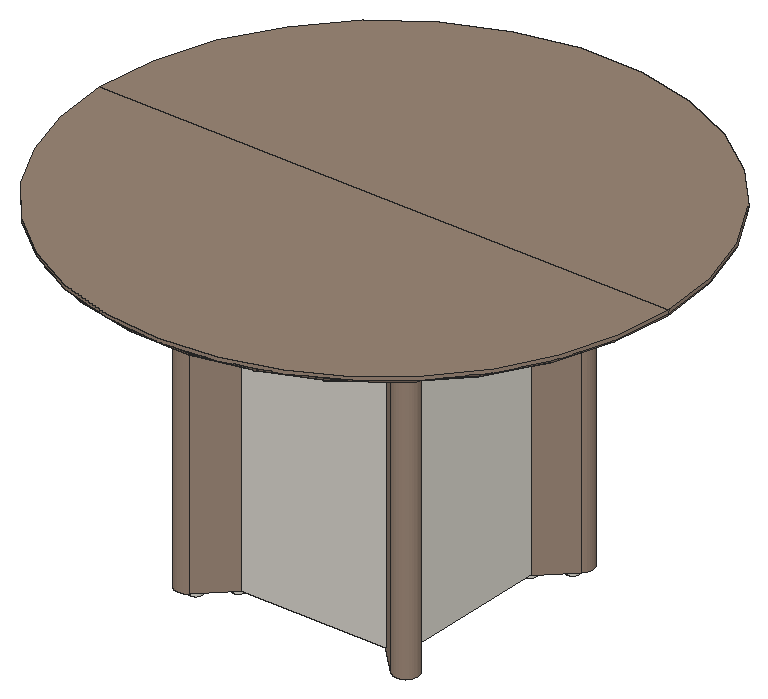
Revit family "Table-Teknion-CFRBKN_Figure_Table_Round_Gable_Enclosed_Base_Butter_Knife_Edge-R2023", category Furniture, Revit 2023 (continued)
Definition of nested family "7 Inch Compact Recessed Access Door"
  Lines and regions (in)
    Masking region 1
      outline origin (0, 0, 0) x (1, 0, 0) y (0, 1, 0)
        loop
          line (1346.9685, -148.03273) -> (1353.0315, -148.03273)
          arc (1353.0315, -148.03273) -> (1353.11414, -148.06696) -> (1353.14837, -148.14961) r 0.11687
          line (1353.14837, -148.14961) -> (1353.14837, -148.44827) -> (1353.22045, -148.44827) -> (1353.22045, -147.71654)
          arc (1353.22045, -147.71654) -> (1353.15242, -147.5523) -> (1352.98819, -147.48427) r 0.23226
          line (1352.98819, -147.48427) -> (1347.01181, -147.48427)
          arc (1347.01181, -147.48427) -> (1346.84758, -147.5523) -> (1346.77955, -147.71654) r 0.23226
          line (1346.77955, -147.71654) -> (1346.77955, -148.44827)
        loop
          line (1346.77955, -151.55173) -> (1346.77955, -152.28346)
          arc (1346.77955, -152.28346) -> (1346.84758, -152.4477) -> (1347.01181, -152.51573) r 0.23226
          line (1347.01181, -152.51573) -> (1352.98819, -152.51573)
          arc (1352.98819, -152.51573) -> (1353.15242, -152.4477) -> (1353.22045, -152.28346) r 0.23226
          line (1353.22045, -152.28346) -> (1353.22045, -151.55173) -> (1353.14837, -151.55173) -> (1353.14837, -151.85039)
          arc (1353.14837, -151.85039) -> (1353.11414, -151.93304) -> (1353.0315, -151.96727) r 0.11687
          line (1353.0315, -151.96727) -> (1346.9685, -151.96727)
          arc (1346.9685, -151.96727) -> (1346.88586, -151.93304) -> (1346.85163, -151.85039) r 0.11687
          line (1346.85163, -151.85039) -> (1346.85163, -151.55173) -> (1346.77955, -151.55173)
    symbolic lines
      curve 1: line (1346.73992, -152.28346, 0) -> (1346.73992, -147.71654, 0)
      curve 2: line (1347.01181, -147.44465, 0) -> (1352.98819, -147.44465, 0)
      curve 3: arc (1346.73992, -147.71654, 0) -> (1346.81956, -147.52428, 0) -> (1347.01181, -147.44465, 0) r 0.27189
      curve 4: line (1353.26008, -147.71654, 0) -> (1353.26008, -152.28346, 0)
      curve 5: arc (1352.98819, -147.44465, 0) -> (1353.18044, -147.52428, 0) -> (1353.26008, -147.71654, 0) r 0.27189
      curve 6: line (1352.98819, -152.55535, 0) -> (1347.01181, -152.55535, 0)
      curve 7: arc (1353.26008, -152.28346, 0) -> (1353.18044, -152.47572, 0) -> (1352.98819, -152.55535, 0) r 0.27189
      curve 8: arc (1347.01181, -152.55535, 0) -> (1346.81956, -152.47572, 0) -> (1346.73992, -152.28346, 0) r 0.27189
      curve 9: line (1346.85163, -148.14961, 0) -> (1346.85163, -151.85039, 0)
      curve 10: line (1353.14837, -151.85039, 0) -> (1353.14837, -148.14961, 0)
      curve 11: line (1346.77955, -147.71654, 0) -> (1346.77955, -152.28346, 0)
      curve 12: line (1353.22045, -147.71654, 0) -> (1353.22045, -152.28346, 0)
      curve 47: line (1346.85163, -148.14961, 0) -> (1346.85163, -151.85039, 0)
      curve 48: line (1353.0315, -148.03273, 0) -> (1346.9685, -148.03273, 0)
      curve 49: arc (1346.9685, -148.03273, 0) -> (1346.88586, -148.06696, 0) -> (1346.85163, -148.14961, 0) r 0.11687
      curve 50: line (1353.14837, -151.85039, 0) -> (1353.14837, -148.14961, 0)
      curve 51: arc (1353.14837, -148.14961, 0) -> (1353.11414, -148.06696, 0) -> (1353.0315, -148.03273, 0) r 0.11687
      curve 52: line (1346.9685, -151.96727, 0) -> (1353.0315, -151.96727, 0)
      curve 53: arc (1353.0315, -151.96727, 0) -> (1353.11414, -151.93304, 0) -> (1353.14837, -151.85039, 0) r 0.11687
      curve 54: arc (1346.85163, -151.85039, 0) -> (1346.88586, -151.93304, 0) -> (1346.9685, -151.96727, 0) r 0.11687
      curve 55: line (1346.77955, -152.28346, 0) -> (1346.77955, -151.55173, 0)
      curve 56: line (1352.98819, -152.51573, 0) -> (1347.01181, -152.51573, 0)
      curve 57: arc (1347.01181, -152.51573, 0) -> (1346.84758, -152.4477, 0) -> (1346.77955, -152.28346, 0) r 0.23226
      curve 58: line (1353.22045, -151.55173, 0) -> (1353.22045, -152.28346, 0)
      curve 59: arc (1353.22045, -152.28346, 0) -> (1353.15242, -152.4477, 0) -> (1352.98819, -152.51573, 0) r 0.23226
      curve 60: line (1346.77955, -148.44827, 0) -> (1346.77955, -147.71654, 0)
      curve 61: line (1347.01181, -147.48427, 0) -> (1352.98819, -147.48427, 0)
      curve 62: arc (1346.77955, -147.71654, 0) -> (1346.84758, -147.5523, 0) -> (1347.01181, -147.48427, 0) r 0.23226
      curve 63: line (1353.22045, -147.71654, 0) -> (1353.22045, -148.44827, 0)
      curve 64: arc (1352.98819, -147.48427, 0) -> (1353.15242, -147.5523, 0) -> (1353.22045, -147.71654, 0) r 0.23226
      curve 65: line (1353.04331, -147.19685, 0) -> (1346.95669, -147.19685, 0)
      curve 66: arc (1346.95669, -147.19685, 0) -> (1346.62819, -147.33292, 0) -> (1346.49213, -147.66142, 0) r 0.46457
      curve 67: line (1346.49213, -147.66142, 0) -> (1346.49213, -152.33858, 0)
      curve 68: arc (1346.49213, -152.33858, 0) -> (1346.62819, -152.66708, 0) -> (1346.95669, -152.80315, 0) r 0.46457
      curve 69: line (1346.95669, -152.80315, 0) -> (1353.04331, -152.80315, 0)
      curve 70: arc (1353.04331, -152.80315, 0) -> (1353.37181, -152.66708, 0) -> (1353.50787, -152.33858, 0) r 0.46457
      curve 71: line (1353.50787, -152.33858, 0) -> (1353.50787, -147.66142, 0)
      curve 72: arc (1353.50787, -147.66142, 0) -> (1353.37181, -147.33292, 0) -> (1353.04331, -147.19685, 0) r 0.46457
    symbolic lines, detail levels medium+fine
      curve 13: line (1347.54528, -150.97283, 0) -> (1348.02559, -150.97283, 0)
      curve 14: line (1348.02559, -150.97283, 0) -> (1348.02559, -151.5626, 0)
      curve 15: line (1348.02559, -151.5626, 0) -> (1347.54528, -151.5626, 0)
      curve 16: line (1347.54528, -151.5626, 0) -> (1347.54528, -150.97283, 0)
      curve 17: line (1351.97441, -148.4374, 0) -> (1352.45472, -148.4374, 0)
      curve 18: line (1351.97441, -149.02717, 0) -> (1351.97441, -148.4374, 0)
      curve 19: line (1352.45472, -149.02717, 0) -> (1351.97441, -149.02717, 0)
      curve 20: line (1352.45472, -148.4374, 0) -> (1352.45472, -149.02717, 0)
      curve 21: line (1347.05512, -148.44685, 0) -> (1347.47244, -148.44685, 0)
      curve 22: line (1347.05512, -151.55315, 0) -> (1347.05512, -148.44685, 0)
      curve 23: line (1347.47244, -151.55315, 0) -> (1347.05512, -151.55315, 0)
      curve 24: line (1347.47244, -148.44685, 0) -> (1347.47244, -151.55315, 0)
      curve 25: line (1347.02362, -151.55173, 0) -> (1346.73992, -151.55173, 0)
      curve 26: line (1347.02362, -151.55173, 0) -> (1347.02362, -148.44827, 0)
      curve 27: line (1347.02362, -148.44827, 0) -> (1346.73992, -148.44827, 0)
      curve 28: line (1346.77955, -148.55314, 0) -> (1347.41732, -148.55314, 0)
      curve 29: line (1347.41732, -148.55314, 0) -> (1347.41732, -151.44686, 0)
      curve 30: line (1347.41732, -151.44686, 0) -> (1346.77955, -151.44686, 0)
      curve 31: line (1347.02362, -149.80673, 0) -> (1346.93307, -149.80673, 0)
      curve 32: line (1346.93307, -149.80673, 0) -> (1346.93307, -150.19327, 0)
      curve 33: line (1346.93307, -150.19327, 0) -> (1347.02362, -150.19327, 0)
      curve 34: line (1352.94488, -148.44685, 0) -> (1352.52756, -148.44685, 0)
      curve 35: line (1352.94488, -151.55315, 0) -> (1352.94488, -148.44685, 0)
      curve 36: line (1352.52756, -151.55315, 0) -> (1352.94488, -151.55315, 0)
      curve 37: line (1352.52756, -148.44685, 0) -> (1352.52756, -151.55315, 0)
      curve 38: line (1352.97638, -151.55173, 0) -> (1353.26008, -151.55173, 0)
      curve 39: line (1352.97638, -151.55173, 0) -> (1352.97638, -148.44827, 0)
      curve 40: line (1352.97638, -148.44827, 0) -> (1353.26008, -148.44827, 0)
      curve 41: line (1353.22045, -148.55314, 0) -> (1352.58268, -148.55314, 0)
      curve 42: line (1352.58268, -148.55314, 0) -> (1352.58268, -151.44686, 0)
      curve 43: line (1352.58268, -151.44686, 0) -> (1353.22045, -151.44686, 0)
      curve 44: line (1352.97638, -149.80673, 0) -> (1353.06693, -149.80673, 0)
      curve 45: line (1353.06693, -149.80673, 0) -> (1353.06693, -150.19327, 0)
      curve 46: line (1353.06693, -150.19327, 0) -> (1352.97638, -150.19327, 0)
  Dimensions and locks (in)
    plane 4 "Left" to plane 5 "Right" = 7.01575"
    plane 6 "Back" to plane 7 "Front" = 5.6063"
    locked: plane 8 "Top" to level at 29.06
    equal spacing: plane 7 "Front", plane 1 "Center Front/Back", plane 6 "Back"
    equal spacing: plane 4 "Left", plane 3 "Center Left/Right", plane 5 "Right"
    plane 9 to plane 8 "Top" to plane 10 = 0.07087" locked, 1.50394" locked
    aligned and locked: level to plane 2
    aligned and locked: Sweep 6 sketch curve to plane 3 "Center Left/Right"
    aligned and locked: plane 3 "Center Left/Right" to SweptBlend 8 sketch curve
    aligned and locked: Sweep 10 sketch curve to plane 1 "Center Front/Back"
  Automatic sketch dimensions
    Sweep 1 sketch curve to plane 3 "Center Left/Right" = 0.000"
    Sweep 1 sketch curve to plane 8 "Top" = 0.12598"
    plane 8 "Top" to Sweep 1 sketch curve = 0.0315"
    Sweep 1 sketch curve to plane 1 "Center Front/Back" = 1.96727"
    Sweep 1 sketch curve to Sweep 1 sketch curve = 0.11687"  (x3)
    plane 1 "Center Front/Back" to Sweep 1 sketch curve = 1.85039"  (x2)
    profile plane to Sweep 1 sketch curve = 3.14837"
    Sweep 1 sketch curve to profile plane = 3.0315"
    plane 4 "Left" to Sweep 2 sketch curve = 1.05315"
    plane 1 "Center Front/Back" to Sweep 2 sketch curve = 0.97077"
    Sweep 2 sketch curve to Sweep 2 sketch curve = 0.48031"
    Sweep 2 sketch curve to profile plane = 0.000"
    profile plane to Sweep 2 sketch curve = 0.01169"
    Sweep 2 sketch curve to Sweep 2 sketch curve = 0.28526"
    Sweep 2 sketch curve to Sweep 2 sketch curve = 0.01169"
    level to Sweep 2 sketch curve = 28.65831"
    Sweep 2 sketch curve to Sweep 2 sketch curve = 0.33476"
    plane 5 "Right" to Sweep 3 sketch curve = 1.53346"
    Sweep 3 sketch curve to plane 6 "Back" = 1.23848"
    Sweep 3 sketch curve to Sweep 3 sketch curve = 0.48031"
    Sweep 3 sketch curve to profile plane = 0.000"
    profile plane to Sweep 3 sketch curve = 0.01169"
    Sweep 3 sketch curve to Sweep 3 sketch curve = 0.28526"
    Sweep 3 sketch curve to Sweep 3 sketch curve = 0.01169"
    level to Sweep 3 sketch curve = 28.65831"
    Sweep 3 sketch curve to Sweep 3 sketch curve = 0.33476"
    plane 1 "Center Front/Back" to Sweep 4 sketch curve = 0.000"
    plane 4 "Left" to Sweep 4 sketch curve = 0.56299"
    Sweep 4 sketch curve to Sweep 4 sketch curve = 0.41732"
    Sweep 4 sketch curve to Sweep 4 sketch curve = 0.000"  (x4)
    profile plane to Sweep 4 sketch curve = 1.26772"
    Sweep 4 sketch curve to profile plane = 1.26772"
    level to Sweep 4 sketch curve = 28.38283"
    Sweep 4 sketch curve to Sweep 4 sketch curve = 0.28543"
    plane 1 "Center Front/Back" to Sweep 5 sketch curve = 0.000"
    plane 5 "Right" to Sweep 5 sketch curve = 0.56299"
    Sweep 5 sketch curve to Sweep 5 sketch curve = 0.41732"
    Sweep 5 sketch curve to Sweep 5 sketch curve = 0.000"  (x4)
    profile plane to Sweep 5 sketch curve = 1.26772"
    Sweep 5 sketch curve to profile plane = 1.26772"
    level to Sweep 5 sketch curve = 28.38283"
    Sweep 5 sketch curve to Sweep 5 sketch curve = 0.28543"
    Sweep 6 sketch curve to plane 10 = 0.000"
    Sweep 6 sketch curve to Sweep 6 sketch curve = 0.74566"
    Sweep 6 sketch curve to Sweep 6 sketch curve = 0.000"  (x8)
    Sweep 6 sketch curve to plane 1 "Center Front/Back" = 2.60628"
    Sweep 6 sketch curve to Sweep 6 sketch curve = 0.09055"  (x2)
    Sweep 6 sketch curve to Sweep 6 sketch curve = 0.23226"  (x3)
    Sweep 6 sketch curve to Sweep 6 sketch curve = 0.8366"  (x4)
    Sweep 6 sketch curve to Sweep 6 sketch curve = 0.09061"  (x4)
    plane 1 "Center Front/Back" to Sweep 6 sketch curve = 1.35626"  (x2)
    profile plane to Sweep 6 sketch curve = 3.311"
    Sweep 6 sketch curve to Sweep 6 sketch curve = 0.63777"
    Sweep 6 sketch curve to profile plane = 2.58268"
    Sweep 6 sketch curve to Sweep 6 sketch curve = 0.40551"
    SweptBlend 7 sketch curve to plane 3 "Center Left/Right" = 0.000"
    SweptBlend 7 sketch curve to plane 8 "Top" = 0.000"
    plane 10 to SweptBlend 7 sketch curve = 0.74566"
    profile plane to SweptBlend 7 sketch curve = 3.311"
    SweptBlend 7 sketch curve to SweptBlend 7 sketch curve = 0.32281"  (x3)
    SweptBlend 7 sketch curve to profile plane = 2.98819"  (x4)
    SweptBlend 7 sketch curve to plane 1 "Center Front/Back" = 2.60628"
    plane 1 "Center Front/Back" to SweptBlend 7 sketch curve = 2.28346"  (x2)
    profile plane to SweptBlend 7 sketch curve = 3.35074"
    SweptBlend 7 sketch curve to SweptBlend 7 sketch curve = 0.36255"  (x3)
    SweptBlend 7 sketch curve to plane 1 "Center Front/Back" = 2.64602"
    SweptBlend 8 sketch curve to plane 9 = 0.000"
    plane 10 to SweptBlend 8 sketch curve = 0.74566"
    profile plane to SweptBlend 8 sketch curve = 3.22045"
    SweptBlend 8 sketch curve to SweptBlend 8 sketch curve = 0.23226"  (x3)
    SweptBlend 8 sketch curve to profile plane = 2.98819"  (x4)
    SweptBlend 8 sketch curve to plane 1 "Center Front/Back" = 2.51573"
    plane 1 "Center Front/Back" to SweptBlend 8 sketch curve = 2.28346"  (x2)
    profile plane to SweptBlend 8 sketch curve = 3.26378"
    SweptBlend 8 sketch curve to SweptBlend 8 sketch curve = 0.27559"  (x3)
    SweptBlend 8 sketch curve to plane 1 "Center Front/Back" = 2.28346"
    Sweep 9 sketch curve to plane 3 "Center Left/Right" = 0.000"
    Sweep 9 sketch curve to plane 8 "Top" = 0.000"
    Sweep 9 sketch curve to plane 9 = 0.000"
    Sweep 9 sketch curve to plane 1 "Center Front/Back" = 2.80315"
    Sweep 9 sketch curve to Sweep 9 sketch curve = 0.2478"  (x2)
    Sweep 9 sketch curve to Sweep 9 sketch curve = 0.21677"  (x4)
    Sweep 9 sketch curve to Sweep 9 sketch curve = 0.05512"  (x5)
    plane 1 "Center Front/Back" to Sweep 9 sketch curve = 2.28346"  (x2)
    profile plane to Sweep 9 sketch curve = 3.50787"
    Sweep 9 sketch curve to profile plane = 2.98819"
    plane 4 "Left" to Sweep 10 sketch curve = 0.22679"
    Sweep 10 sketch curve to Sweep 10 sketch curve = 0.30471"
    profile plane to Sweep 10 sketch curve = 1.55173"
    Sweep 10 sketch curve to Sweep 10 sketch curve = 0.01431"
    Sweep 10 sketch curve to Sweep 10 sketch curve = 0.07874"  (x2)
    Sweep 10 sketch curve to Sweep 10 sketch curve = 0.00137"  (x2)
    Sweep 10 sketch curve to Sweep 10 sketch curve = 0.23608"  (x2)
    Sweep 10 sketch curve to profile plane = 1.30134"
    Sweep 10 sketch curve to Sweep 10 sketch curve = 0.17027"
    level to Sweep 10 sketch curve = 28.30409"
    Sweep 10 sketch curve to Sweep 10 sketch curve = 0.000"
    Sweep 10 sketch curve to Sweep 10 sketch curve = 0.03937"
    Sweep 10 sketch curve to Sweep 10 sketch curve = 0.3622"  (x2)
    Sweep 10 sketch curve to Sweep 10 sketch curve = 0.00824"
    plane 1 "Center Front/Back" to Sweep 11 sketch curve = 0.000"
    plane 5 "Right" to Sweep 11 sketch curve = 0.22679"
    Sweep 11 sketch curve to Sweep 11 sketch curve = 0.30471"
    profile plane to Sweep 11 sketch curve = 1.55173"
    Sweep 11 sketch curve to Sweep 11 sketch curve = 0.01431"
    Sweep 11 sketch curve to Sweep 11 sketch curve = 0.07874"  (x2)
    Sweep 11 sketch curve to Sweep 11 sketch curve = 0.00137"  (x2)
    Sweep 11 sketch curve to Sweep 11 sketch curve = 0.23608"  (x2)
    Sweep 11 sketch curve to profile plane = 1.30134"
    Sweep 11 sketch curve to Sweep 11 sketch curve = 0.17027"
    level to Sweep 11 sketch curve = 28.30409"
    Sweep 11 sketch curve to Sweep 11 sketch curve = 0.000"
    Sweep 11 sketch curve to Sweep 11 sketch curve = 0.03937"
    Sweep 11 sketch curve to Sweep 11 sketch curve = 0.3622"  (x2)
    Sweep 11 sketch curve to Sweep 11 sketch curve = 0.00824"
    plane 1 "Center Front/Back" to Sweep 12 sketch curve = 0.000"
    plane 4 "Left" to Sweep 12 sketch curve = 0.44094"
    plane 5 "Right" to Sweep 12 sketch curve = 0.44094"
    profile plane to Sweep 12 sketch curve = 0.19327"
    Sweep 12 sketch curve to profile plane = 0.17902"
    Sweep 12 sketch curve to profile plane = 0.19327"
    Sweep 12 sketch curve to Sweep 12 sketch curve = 0.40783"  (x2)
    level to Sweep 12 sketch curve = 28.53406"
    profile plane to Sweep 12 sketch curve = 0.17902"
    Sweep 12 sketch curve to Sweep 12 sketch curve = 0.00625"
    Masking region 1 sketch curve to plane 4 "Left" = 0.000"
    Masking region 1 sketch curve to plane 6 "Back" = 0.000"
    plane 7 "Front" to Masking region 1 sketch curve = 0.000"
    Masking region 1 sketch curve to plane 5 "Right" = 0.000"
    plane 4 "Left" to Masking region 1 sketch curve = 0.28742"  (x2)
    Masking region 1 sketch curve to Masking region 1 sketch curve = 0.07208"  (x3)
    Masking region 1 sketch curve to Masking region 1 sketch curve = 0.17714"  (x2)
    plane 4 "Left" to Masking region 1 sketch curve = 0.46457"
    Masking region 1 sketch curve to Masking region 1 sketch curve = 0.11687"  (x4)
    Masking region 1 sketch curve to Masking region 1 sketch curve = 0.05512"  (x5)
    Masking region 1 sketch curve to plane 7 "Front" = 0.28742"
    plane 5 "Right" to Masking region 1 sketch curve = 0.51969"  (x2)
    Masking region 1 sketch curve to Masking region 1 sketch curve = 0.04331"  (x2)
    Masking region 1 sketch curve to Masking region 1 sketch curve = 0.3162"
    Masking region 1 sketch curve to Masking region 1 sketch curve = 0.29867"  (x3)
    Masking region 1 sketch curve to Masking region 1 sketch curve = 0.78686"  (x2)
    plane 4 "Left" to curve 1 = 0.2478"
    curve 31 to plane 1 "Center Front/Back" = 0.19327"
    plane 4 "Left" to curve 31 = 0.44094"
    curve 3 to curve 3 = 0.27189"
    curve 6 to plane 7 "Front" = 0.2478"
    curve 8 to curve 6 = 0.27189"
    curve 25 to curve 26 = 0.2837"
    curve 25 to curve 23 = 0.0315"
    curve 21 to curve 29 = 0.3622"
    curve 29 to curve 23 = 0.05512"
    curve 29 to curve 16 = 0.12795"
    curve 15 to curve 15 = 0.48031"
    plane 5 "Right" to curve 17 = 1.53346"
    curve 18 to curve 20 = 0.48031"
    plane 5 "Right" to curve 37 = 0.98031"
    curve 34 to curve 41 = 0.05512"
    curve 41 to curve 35 = 0.3622"
    curve 34 to curve 40 = 0.0315"
    curve 2 to plane 6 "Back" = 0.2478"
    plane 5 "Right" to curve 2 = 0.51969"
    plane 5 "Right" to curve 7 = 0.51969"
    curve 46 to curve 45 = 0.09055"
    plane 5 "Right" to curve 4 = 0.2478"
    curve 7 to curve 36 = 0.73031"
    curve 15 to curve 24 = 0.00945"
    curve 22 to curve 26 = 0.00142"
    curve 35 to curve 38 = 0.00142"
    curve 36 to curve 43 = 0.10628"
    curve 23 to curve 30 = 0.10628"
    curve 14 to curve 13 = 0.58977"
    plane 1 "Center Front/Back" to curve 32 = 0.19327"
    plane 1 "Center Front/Back" to curve 46 = 0.19327"
    curve 44 to plane 1 "Center Front/Back" = 0.19327"
    curve 44 to curve 19 = 0.77956"
    curve 19 to curve 42 = 0.47404"
    curve 28 to curve 26 = 0.10486"
    curve 41 to curve 39 = 0.10486"
    curve 39 to curve 34 = 0.00142"
    curve 26 to curve 21 = 0.00142"
    curve 34 to curve 17 = 0.00945"
    curve 25 to curve 9 = 0.11171"
    curve 10 to curve 40 = 0.11171"
    curve 12 to curve 7 = 0.03963"
    curve 8 to curve 11 = 0.000"
    curve 10 to curve 38 = 0.29867"
    curve 9 to curve 25 = 0.29867"
    curve 40 to curve 10 = 0.29867"
    curve 27 to curve 9 = 0.29867"
    curve 3 to curve 11 = 0.000"
    curve 12 to curve 5 = 0.000"
    curve 49 to curve 49 = 0.11687"
    curve 48 to curve 10 = 0.11687"
    curve 53 to curve 53 = 0.11687"
    curve 9 to curve 52 = 0.11687"
    curve 8 to curve 57 = 0.000"
    curve 56 to curve 6 = 0.000"
    curve 3 to curve 62 = 0.000"
    curve 61 to curve 2 = 0.000"
    curve 67 to plane 4 "Left" = 0.000"
    curve 65 to plane 6 "Back" = 0.000"
    plane 7 "Front" to curve 68 = 0.000"
    curve 70 to plane 5 "Right" = 0.000"
    curve 65 to curve 2 = 0.05512"
    curve 68 to curve 8 = 0.05512"
    curve 5 to curve 72 = 0.05512"
    curve 7 to curve 70 = 0.05512"
Definition of nested family "12 Inch Standard Recessed Access Door"
  Parameters (values of type "12 Inch Compact Recessed Access Door")
    Warranty = "http://www.teknion.com/ca/papers/legal-canada"
    Unit Weight URL = "http://www.teknion.com/ca/tools/assets#&asset=bee6a381-b954-425e-8283-5a2de3a804f2,f828d448-4b62-4231-9e5f-9a8991c0ed77"
    URL = "www.teknion.com"
    To render please download texture images found here [instance] = "https://assets.teknion.com/web/5e81352c1dfdb467/revit-material-swatches/"
    Sustainability Data = "https://www.teknion.com/ca/tools/assets#&topic=216f99a5-57a0-44fc-b10a-9dee9b29ae4c&asset=444deb64-fe58-4b68-981e-f75e97781df7,b4ff2d81-9f2e-437d-9659-7cffb09c31cf"
    Series = ""
    Product Page URL = ""
    Product Line = ""
    Product Documentation Link = ""
    Part Number = ""
    Model = "1"
    Manufacturer Phone = "416-661-3370"  # constant formula
    Manufacturer Fax = "416.661.4586"  # constant formula
    Manufacturer Contact Information = "http://www.teknion.com/ca/contactus"
    Manufacturer Address = "1150 Flint Road, Toronto, ON. M3J 2J5. Canada"  # constant formula
    Manufacturer = "Teknion"  # constant formula
    How To Use Teknion Materials User Guide [instance] = "https://assets.teknion.com/m/205dd0a49fa58060/original/How-to-add-a-Material-Library-and-Texture-Images-to-your-Revit-project.pdf"
    For Additional Finishes please visit [instance] = "https://assets.teknion.com/m/44a8009b046e5d47/original/Teknion_Materials_Library.zip"
    Finish [instance] = none
    Description = "12 Inch Compact Recessed Access Door"
    Default Elevation = 0.000"
    Assembly Code = "E2020200"
  Reference planes (in)
    plane 1 "Center Front/Back": y = -150
    plane 2: z = 0
    plane 3 "Center Left/Right": x = 1350
    plane 4 "Left": x = 1343.97244
    plane 5 "Right": x = 1356.02756
    plane 6 "Back": y = -147.19685
    plane 7 "Front": y = -152.80315
    plane 8 "Top": z = 29.06
    plane 9: z = 29.13087
    plane 10: z = 27.55606
  Forms (in)
    Sweep 1, solid, material <- "Finish"
      path origin (0, -150, 0) x (1, 0, 0) y (0, 0, 1)
        loop
          line (1350, 29.0915) -> (1350, 28.93402)
      profile origin (1350, -150, 29.01276) x (0, -1, 0) y (1, 0, 0)
        loop
          line (-1.96727, 5.55118) -> (-1.96727, -5.55118)
          arc (-1.96727, -5.55118) -> (-1.93304, -5.63382) -> (-1.85039, -5.66805) r 0.11687
          line (-1.85039, -5.66805) -> (1.85039, -5.66805)
          arc (1.85039, -5.66805) -> (1.93304, -5.63382) -> (1.96727, -5.55118) r 0.11687
          line (1.96727, -5.55118) -> (1.96727, 5.55118)
          arc (1.96727, 5.55118) -> (1.93304, 5.63382) -> (1.85039, 5.66805) r 0.11687
          line (1.85039, 5.66805) -> (-1.85039, 5.66805)
          arc (-1.85039, 5.66805) -> (-1.93304, 5.63382) -> (-1.96727, 5.55118) r 0.11687
    Sweep 2, solid, material <- "Finish"
      path origin (0, 0, 0) x (1, 0, 0) y (0, 1, 0)
        loop
          line (1345.02559, -150.97077) -> (1345.50591, -150.97077)
      profile origin (1345.26575, -150.97077, 0) x (0, 1, 0) y (0, 0, 1)
        loop
          arc (-0.58221, 28.65831) -> (-0.29695, 28.37305) -> (-0.01169, 28.65831) r 0.28526
          line (-0.01169, 28.65831) -> (0, 28.99307) -> (-0.5939, 28.99307) -> (-0.58221, 28.65831)
    Sweep 3, solid, material <- "Finish"
      path origin (4.42913, 2.53543, 0) x (1, 0, 0) y (0, 1, 0)
        loop
          line (1350.06496, -150.97077) -> (1350.54528, -150.97077)
      profile origin (1354.73425, -148.43533, 0) x (0, 1, 0) y (0, 0, 1)
        loop
          arc (-0.58221, 28.65831) -> (-0.29695, 28.37305) -> (-0.01169, 28.65831) r 0.28526
          line (-0.01169, 28.65831) -> (0, 28.99307) -> (-0.5939, 28.99307) -> (-0.58221, 28.65831)
    Sweep 4, solid, material <- "Finish"
      path origin (0, 0, 0) x (1, 0, 0) y (0, 1, 0)
        loop
          line (1344.95276, -150) -> (1344.53543, -150)
      profile origin (1344.74409, -150, 0) x (0, -1, 0) y (0, 0, 1)
        loop
          line (1.26772, 28.9537) -> (-1.26772, 28.9537)
          arc (-1.26772, 28.9537) -> (-1.46955, 28.8701) -> (-1.55315, 28.66827) r 0.28543
          arc (-1.55315, 28.66827) -> (-1.46955, 28.46644) -> (-1.26772, 28.38283) r 0.28543
          line (-1.26772, 28.38283) -> (1.26772, 28.38283)
          arc (1.26772, 28.38283) -> (1.46955, 28.46644) -> (1.55315, 28.66827) r 0.28543
          arc (1.55315, 28.66827) -> (1.46955, 28.8701) -> (1.26772, 28.9537) r 0.28543
    Sweep 5, solid, material <- "Finish"
      path origin (2700, 0, 0) x (-1, 0, 0) y (0, -1, 0)
        loop
          line (1344.95276, 150) -> (1344.53543, 150)
      profile origin (1355.25591, -150, 0) x (0, 1, 0) y (0, 0, 1)
        loop
          arc (-1.26772, 28.9537) -> (-1.46955, 28.8701) -> (-1.55315, 28.66827) r 0.28543
          arc (-1.55315, 28.66827) -> (-1.46955, 28.46644) -> (-1.26772, 28.38283) r 0.28543
          line (-1.26772, 28.38283) -> (1.26772, 28.38283)
          arc (1.26772, 28.38283) -> (1.46955, 28.46644) -> (1.55315, 28.66827) r 0.28543
          arc (1.55315, 28.66827) -> (1.46955, 28.8701) -> (1.26772, 28.9537) r 0.28543
          line (1.26772, 28.9537) -> (-1.26772, 28.9537)
    Sweep 6, solid, material <- "Finish"
      path origin (0, -150, 0) x (1, 0, 0) y (0, 0, 1)
        loop
          line (1350, 28.30172) -> (1350, 27.55606)
      profile origin (1350, -150, 27.92889) x (0, -1, 0) y (1, 0, 0)
        loop
          line (1.35626, -5.83069) -> (2.28346, -5.83069)
          arc (2.28346, -5.83069) -> (2.51173, -5.73614) -> (2.60628, -5.50787) r 0.32281
          line (2.60628, -5.50787) -> (2.60628, 5.50787)
          arc (2.60628, 5.50787) -> (2.51173, 5.73614) -> (2.28346, 5.83069) r 0.32281
          line (2.28346, 5.83069) -> (1.35626, 5.83069) -> (-1.35626, 5.83069) -> (-2.28346, 5.83069)
          arc (-2.28346, 5.83069) -> (-2.51173, 5.73614) -> (-2.60628, 5.50787) r 0.32281
          line (-2.60628, 5.50787) -> (-2.60628, -5.50787)
          arc (-2.60628, -5.50787) -> (-2.51173, -5.73614) -> (-2.28346, -5.83069) r 0.32281
          line (-2.28346, -5.83069) -> (-1.35626, -5.83069) -> (1.35626, -5.83069)
        loop
          arc (2.28346, -5.74014) -> (2.4477, -5.67211) -> (2.51573, -5.50787) r 0.23226
          line (2.51573, -5.50787) -> (2.51573, 5.50787)
          arc (2.51573, 5.50787) -> (2.4477, 5.67211) -> (2.28346, 5.74014) r 0.23226
          line (2.28346, 5.74014) -> (1.44686, 5.74014) -> (1.44686, 5.10236) -> (-1.44686, 5.10236) -> (-1.44686, 5.74014) -> (-2.28346, 5.74014)
          arc (-2.28346, 5.74014) -> (-2.4477, 5.67211) -> (-2.51573, 5.50787) r 0.23226
          line (-2.51573, 5.50787) -> (-2.51573, -5.50787)
          arc (-2.51573, -5.50787) -> (-2.4477, -5.67211) -> (-2.28346, -5.74014) r 0.23226
          line (-2.28346, -5.74014) -> (-1.44686, -5.74014) -> (-1.44686, -5.10236) -> (1.44686, -5.10236) -> (1.44686, -5.74014) -> (2.28346, -5.74014)
    SweptBlend 7, solid, material <- "Finish"
      path origin (0, -150, 0) x (1, 0, 0) y (0, 0, 1)
        loop
          line (1350, 28.30172) -> (1350, 29.06)
      profile origin (1350, -150, 28.30172) x (-1, 0, 0) y (0, -1, 0)
        loop
          line (5.50787, 2.60628) -> (-5.50787, 2.60628)
          arc (-5.50787, 2.60628) -> (-5.73614, 2.51173) -> (-5.83069, 2.28346) r 0.32281
          line (-5.83069, 2.28346) -> (-5.83069, -2.28346)
          arc (-5.83069, -2.28346) -> (-5.73614, -2.51173) -> (-5.50787, -2.60628) r 0.32281
          line (-5.50787, -2.60628) -> (5.50787, -2.60628)
          arc (5.50787, -2.60628) -> (5.73614, -2.51173) -> (5.83069, -2.28346) r 0.32281
          line (5.83069, -2.28346) -> (5.83069, 2.28346)
          arc (5.83069, 2.28346) -> (5.73614, 2.51173) -> (5.50787, 2.60628) r 0.32281
      end profile origin (1350, -150, 29.06) x (-1, 0, 0) y (0, -1, 0)
        loop
          line (5.50787, 2.64602) -> (-5.50787, 2.64602)
          arc (-5.50787, 2.64602) -> (-5.76424, 2.53983) -> (-5.87043, 2.28346) r 0.36255
          line (-5.87043, 2.28346) -> (-5.87043, -2.28346)
          arc (-5.87043, -2.28346) -> (-5.76424, -2.53983) -> (-5.50787, -2.64602) r 0.36255
          line (-5.50787, -2.64602) -> (5.50787, -2.64602)
          arc (5.50787, -2.64602) -> (5.76424, -2.53983) -> (5.87043, -2.28346) r 0.36255
          line (5.87043, -2.28346) -> (5.87043, 2.28346)
          arc (5.87043, 2.28346) -> (5.76424, 2.53983) -> (5.50787, 2.64602) r 0.36255
    SweptBlend 8, void
      path origin (0, -150, 0) x (1, 0, 0) y (0, 0, 1)
        loop
          line (1350, 28.30172) -> (1350, 29.13087)
      profile origin (1350, -150, 28.30172) x (-1, 0, 0) y (0, -1, 0)
        loop
          arc (-5.50787, 2.51573) -> (-5.67211, 2.4477) -> (-5.74014, 2.28346) r 0.23226
          line (-5.74014, 2.28346) -> (-5.74014, -2.28346)
          arc (-5.74014, -2.28346) -> (-5.67211, -2.4477) -> (-5.50787, -2.51573) r 0.23226
          line (-5.50787, -2.51573) -> (5.50787, -2.51573)
          arc (5.50787, -2.51573) -> (5.67211, -2.4477) -> (5.74014, -2.28346) r 0.23226
          line (5.74014, -2.28346) -> (5.74014, 2.28346)
          arc (5.74014, 2.28346) -> (5.67211, 2.4477) -> (5.50787, 2.51573) r 0.23226
          line (5.50787, 2.51573) -> (-5.50787, 2.51573)
      end profile origin (1350, -150, 29.13087) x (-1, 0, 0) y (0, -1, 0)
        loop
          arc (5.78346, 2.28346) -> (5.70275, 2.47834) -> (5.50787, 2.55906) r 0.27559
          line (5.50787, 2.55906) -> (-5.50787, 2.55906)
          arc (-5.50787, 2.55906) -> (-5.70275, 2.47834) -> (-5.78346, 2.28346) r 0.27559
          line (-5.78346, 2.28346) -> (-5.78346, -2.28346)
          arc (-5.78346, -2.28346) -> (-5.70275, -2.47834) -> (-5.50787, -2.55906) r 0.27559
          line (-5.50787, -2.55906) -> (5.50787, -2.55906)
          arc (5.50787, -2.55906) -> (5.70275, -2.47834) -> (5.78346, -2.28346) r 0.27559
          line (5.78346, -2.28346) -> (5.78346, 2.28346)
    Sweep 9, solid, material <- "Finish"
      path origin (0, -150, 0) x (1, 0, 0) y (0, 0, 1)
        loop
          line (1350, 29.13087) -> (1350, 29.06)
      profile origin (1350, -150, 29.09543) x (0, -1, 0) y (1, 0, 0)
        loop
          arc (-2.80315, -5.56299) -> (-2.66708, -5.89149) -> (-2.33858, -6.02756) r 0.46457
          line (-2.33858, -6.02756) -> (2.33858, -6.02756)
          arc (2.33858, -6.02756) -> (2.66708, -5.89149) -> (2.80315, -5.56299) r 0.46457
          line (2.80315, -5.56299) -> (2.80315, 5.56299)
          arc (2.80315, 5.56299) -> (2.66708, 5.89149) -> (2.33858, 6.02756) r 0.46457
          line (2.33858, 6.02756) -> (-2.33858, 6.02756)
          arc (-2.33858, 6.02756) -> (-2.66708, 5.89149) -> (-2.80315, 5.56299) r 0.46457
          line (-2.80315, 5.56299) -> (-2.80315, -5.56299)
        loop
          arc (-2.55535, -5.50787) -> (-2.47572, -5.70013) -> (-2.28346, -5.77976) r 0.27189
          line (-2.28346, -5.77976) -> (2.28346, -5.77976)
          arc (2.28346, -5.77976) -> (2.47572, -5.70013) -> (2.55535, -5.50787) r 0.27189
          line (2.55535, -5.50787) -> (2.55535, 5.50787)
          arc (2.55535, 5.50787) -> (2.47572, 5.70013) -> (2.28346, 5.77976) r 0.27189
          line (2.28346, 5.77976) -> (-2.28346, 5.77976)
          arc (-2.28346, 5.77976) -> (-2.47572, 5.70013) -> (-2.55535, 5.50787) r 0.27189
          line (-2.55535, 5.50787) -> (-2.55535, -5.50787)
    Sweep 10, solid, material <- "Finish"
      path origin (0, 0, 0) x (1, 0, 0) y (0, 1, 0)
        loop
          line (1344.50394, -150) -> (1344.19923, -150)
      profile origin (1344.35158, -150, 0) x (0, -1, 0) y (0, 0, 1)
        loop
          line (-1.55173, 28.30409) -> (-1.47299, 28.30409) -> (-1.47161, 28.34346) -> (1.47161, 28.34346) -> (1.47299, 28.30409) -> (1.55173, 28.30409) -> (1.53742, 28.71391)
          arc (1.53742, 28.71391) -> (1.46543, 28.87559) -> (1.30134, 28.94189) r 0.23622
          line (1.30134, 28.94189) -> (-1.30134, 28.94189)
          arc (-1.30134, 28.94189) -> (-1.46543, 28.87559) -> (-1.53742, 28.71391) r 0.23622
          line (-1.53742, 28.71391) -> (-1.55173, 28.30409)
    Sweep 11, solid, material <- "Finish"
      path origin (2700, 0, 0) x (-1, 0, 0) y (0, -1, 0)
        loop
          line (1344.50394, 150) -> (1344.19923, 150)
      profile origin (1355.64842, -150, 0) x (0, 1, 0) y (0, 0, 1)
        loop
          line (1.55173, 28.30409) -> (1.53742, 28.71391)
          arc (1.53742, 28.71391) -> (1.46543, 28.87559) -> (1.30134, 28.94189) r 0.23622
          line (1.30134, 28.94189) -> (-1.30134, 28.94189)
          arc (-1.30134, 28.94189) -> (-1.46543, 28.87559) -> (-1.53742, 28.71391) r 0.23622
          line (-1.53742, 28.71391) -> (-1.55173, 28.30409) -> (-1.47299, 28.30409) -> (-1.47161, 28.34346) -> (1.47161, 28.34346) -> (1.47299, 28.30409) -> (1.55173, 28.30409)
  Cuts and joins
    joined: Sweep 2, Sweep 3
    SweptBlend 8 cuts SweptBlend 7
    joined: Sweep 6, SweptBlend 7, Sweep 9, Sweep 10, Sweep 11
  Lines and regions (in)
    Masking region 1
      outline origin (-2.51969, 0, 0) x (1, 0, 0) y (0, 1, 0)
        loop
          line (1358.08268, -147.19685) -> (1346.95669, -147.19685)
          arc (1346.95669, -147.19685) -> (1346.62819, -147.33292) -> (1346.49213, -147.66142) r 0.46457
          line (1346.49213, -147.66142) -> (1346.49213, -152.33858)
          arc (1346.49213, -152.33858) -> (1346.62819, -152.66708) -> (1346.95669, -152.80315) r 0.46457
          line (1346.95669, -152.80315) -> (1358.08268, -152.80315)
          arc (1358.08268, -152.80315) -> (1358.41118, -152.66708) -> (1358.54724, -152.33858) r 0.46457
          line (1358.54724, -152.33858) -> (1358.54724, -147.66142)
          arc (1358.54724, -147.66142) -> (1358.41118, -147.33292) -> (1358.08268, -147.19685) r 0.46457
        loop
          line (1346.77955, -148.44827) -> (1346.85163, -148.44827) -> (1346.85163, -148.14961)
          arc (1346.85163, -148.14961) -> (1346.88586, -148.06696) -> (1346.9685, -148.03273) r 0.11687
          line (1346.9685, -148.03273) -> (1358.07087, -148.03273)
          arc (1358.07087, -148.03273) -> (1358.15351, -148.06696) -> (1358.18774, -148.14961) r 0.11687
          line (1358.18774, -148.14961) -> (1358.18774, -148.44827) -> (1358.25982, -148.44827) -> (1358.25982, -147.71654)
          arc (1358.25982, -147.71654) -> (1358.19179, -147.5523) -> (1358.02756, -147.48427) r 0.23226
          line (1358.02756, -147.48427) -> (1347.01181, -147.48427)
          arc (1347.01181, -147.48427) -> (1346.84758, -147.5523) -> (1346.77955, -147.71654) r 0.23226
          line (1346.77955, -147.71654) -> (1346.77955, -148.44827)
        loop
          line (1346.77955, -151.55173) -> (1346.77955, -152.28346)
          arc (1346.77955, -152.28346) -> (1346.84758, -152.4477) -> (1347.01181, -152.51573) r 0.23226
          line (1347.01181, -152.51573) -> (1358.02756, -152.51573)
          arc (1358.02756, -152.51573) -> (1358.19179, -152.4477) -> (1358.25982, -152.28346) r 0.23226
          line (1358.25982, -152.28346) -> (1358.25982, -151.55173) -> (1358.18774, -151.55173) -> (1358.18774, -151.85039)
          arc (1358.18774, -151.85039) -> (1358.15351, -151.93304) -> (1358.07087, -151.96727) r 0.11687
          line (1358.07087, -151.96727) -> (1346.9685, -151.96727)
          arc (1346.9685, -151.96727) -> (1346.88586, -151.93304) -> (1346.85163, -151.85039) r 0.11687
          line (1346.85163, -151.85039) -> (1346.85163, -151.55173) -> (1346.77955, -151.55173)
    symbolic lines
      curve 1: line (1344.22024, -152.28346, 0) -> (1344.22024, -147.71654, 0)
      curve 2: line (1344.49213, -147.44465, 0) -> (1355.50787, -147.44465, 0)
      curve 3: arc (1344.22024, -147.71654, 0) -> (1344.29987, -147.52428, 0) -> (1344.49213, -147.44465, 0) r 0.27189
      curve 4: line (1355.77976, -147.71654, 0) -> (1355.77976, -152.28346, 0)
      curve 5: arc (1355.50787, -147.44465, 0) -> (1355.70013, -147.52428, 0) -> (1355.77976, -147.71654, 0) r 0.27189
      curve 6: line (1355.50787, -152.55535, 0) -> (1344.49213, -152.55535, 0)
      curve 7: arc (1355.77976, -152.28346, 0) -> (1355.70013, -152.47572, 0) -> (1355.50787, -152.55535, 0) r 0.27189
      curve 8: arc (1344.49213, -152.55535, 0) -> (1344.29987, -152.47572, 0) -> (1344.22024, -152.28346, 0) r 0.27189
      curve 9: line (1344.33195, -148.14961, 0) -> (1344.33195, -151.85039, 0)
      curve 10: line (1355.66805, -151.85039, 0) -> (1355.66805, -148.14961, 0)
      curve 11: line (1344.25986, -147.71654, 0) -> (1344.25986, -152.28346, 0)
      curve 12: line (1355.74014, -147.71654, 0) -> (1355.74014, -152.28346, 0)
      curve 41: line (1344.33195, -148.14961, 0) -> (1344.33195, -151.85039, 0)
      curve 42: line (1355.55118, -148.03273, 0) -> (1344.44882, -148.03273, 0)
      curve 43: arc (1344.44882, -148.03273, 0) -> (1344.36618, -148.06696, 0) -> (1344.33195, -148.14961, 0) r 0.11687
      curve 44: line (1355.66805, -151.85039, 0) -> (1355.66805, -148.14961, 0)
      curve 45: arc (1355.66805, -148.14961, 0) -> (1355.63382, -148.06696, 0) -> (1355.55118, -148.03273, 0) r 0.11687
      curve 46: line (1344.44882, -151.96727, 0) -> (1355.55118, -151.96727, 0)
      curve 47: arc (1355.55118, -151.96727, 0) -> (1355.63382, -151.93304, 0) -> (1355.66805, -151.85039, 0) r 0.11687
      curve 48: arc (1344.33195, -151.85039, 0) -> (1344.36618, -151.93304, 0) -> (1344.44882, -151.96727, 0) r 0.11687
      curve 49: line (1344.25986, -152.28346, 0) -> (1344.25986, -151.55173, 0)
      curve 50: line (1355.50787, -152.51573, 0) -> (1344.49213, -152.51573, 0)
      curve 51: arc (1344.49213, -152.51573, 0) -> (1344.32789, -152.4477, 0) -> (1344.25986, -152.28346, 0) r 0.23226
      curve 52: line (1355.74014, -151.55173, 0) -> (1355.74014, -152.28346, 0)
      curve 53: arc (1355.74014, -152.28346, 0) -> (1355.67211, -152.4477, 0) -> (1355.50787, -152.51573, 0) r 0.23226
      curve 54: line (1344.25986, -148.44827, 0) -> (1344.25986, -147.71654, 0)
      curve 55: line (1344.49213, -147.48427, 0) -> (1355.50787, -147.48427, 0)
      curve 56: arc (1344.25986, -147.71654, 0) -> (1344.32789, -147.5523, 0) -> (1344.49213, -147.48427, 0) r 0.23226
      curve 57: line (1355.74014, -147.71654, 0) -> (1355.74014, -148.44827, 0)
      curve 58: arc (1355.50787, -147.48427, 0) -> (1355.67211, -147.5523, 0) -> (1355.74014, -147.71654, 0) r 0.23226
      curve 59: line (1355.56299, -147.19685, 0) -> (1344.43701, -147.19685, 0)
      curve 60: arc (1344.43701, -147.19685, 0) -> (1344.10851, -147.33292, 0) -> (1343.97244, -147.66142, 0) r 0.46457
      curve 61: line (1343.97244, -147.66142, 0) -> (1343.97244, -152.33858, 0)
      curve 62: arc (1343.97244, -152.33858, 0) -> (1344.10851, -152.66708, 0) -> (1344.43701, -152.80315, 0) r 0.46457
      curve 63: line (1344.43701, -152.80315, 0) -> (1355.56299, -152.80315, 0)
      curve 64: arc (1355.56299, -152.80315, 0) -> (1355.89149, -152.66708, 0) -> (1356.02756, -152.33858, 0) r 0.46457
      curve 65: line (1356.02756, -152.33858, 0) -> (1356.02756, -147.66142, 0)
      curve 66: arc (1356.02756, -147.66142, 0) -> (1355.89149, -147.33292, 0) -> (1355.56299, -147.19685, 0) r 0.46457
    symbolic lines, detail levels medium+fine
      curve 13: line (1345.02559, -150.97283, 0) -> (1345.50591, -150.97283, 0)
      curve 14: line (1345.50591, -150.97283, 0) -> (1345.50591, -151.5626, 0)
      curve 15: line (1345.50591, -151.5626, 0) -> (1345.02559, -151.5626, 0)
      curve 16: line (1345.02559, -151.5626, 0) -> (1345.02559, -150.97283, 0)
      curve 17: line (1354.49409, -148.4374, 0) -> (1354.97441, -148.4374, 0)
      curve 18: line (1354.49409, -149.02717, 0) -> (1354.49409, -148.4374, 0)
      curve 19: line (1354.97441, -149.02717, 0) -> (1354.49409, -149.02717, 0)
      curve 20: line (1354.97441, -148.4374, 0) -> (1354.97441, -149.02717, 0)
      curve 21: line (1344.53543, -148.44685, 0) -> (1344.95276, -148.44685, 0)
      curve 22: line (1344.53543, -151.55315, 0) -> (1344.53543, -148.44685, 0)
      curve 23: line (1344.95276, -151.55315, 0) -> (1344.53543, -151.55315, 0)
      curve 24: line (1344.95276, -148.44685, 0) -> (1344.95276, -151.55315, 0)
      curve 25: line (1344.50394, -151.55173, 0) -> (1344.22024, -151.55173, 0)
      curve 26: line (1344.50394, -151.55173, 0) -> (1344.50394, -148.44827, 0)
      curve 27: line (1344.50394, -148.44827, 0) -> (1344.22024, -148.44827, 0)
      curve 28: line (1344.25986, -148.55314, 0) -> (1344.89764, -148.55314, 0)
      curve 29: line (1344.89764, -148.55314, 0) -> (1344.89764, -151.44686, 0)
      curve 30: line (1344.89764, -151.44686, 0) -> (1344.25986, -151.44686, 0)
      curve 31: line (1355.46457, -148.44685, 0) -> (1355.04724, -148.44685, 0)
      curve 32: line (1355.46457, -151.55315, 0) -> (1355.46457, -148.44685, 0)
      curve 33: line (1355.04724, -151.55315, 0) -> (1355.46457, -151.55315, 0)
      curve 34: line (1355.04724, -148.44685, 0) -> (1355.04724, -151.55315, 0)
      curve 35: line (1355.49606, -151.55173, 0) -> (1355.77976, -151.55173, 0)
      curve 36: line (1355.49606, -151.55173, 0) -> (1355.49606, -148.44827, 0)
      curve 37: line (1355.49606, -148.44827, 0) -> (1355.77976, -148.44827, 0)
      curve 38: line (1355.74014, -148.55314, 0) -> (1355.10236, -148.55314, 0)
      curve 39: line (1355.10236, -148.55314, 0) -> (1355.10236, -151.44686, 0)
      curve 40: line (1355.10236, -151.44686, 0) -> (1355.74014, -151.44686, 0)
  Dimensions and locks (in)
    plane 4 "Left" to plane 5 "Right" = 12.05512"
    plane 6 "Back" to plane 7 "Front" = 5.6063"
    locked: plane 8 "Top" to level at 29.06
    equal spacing: plane 7 "Front", plane 1 "Center Front/Back", plane 6 "Back"
    equal spacing: plane 4 "Left", plane 3 "Center Left/Right", plane 5 "Right"
    plane 9 to plane 8 "Top" to plane 10 = 0.07087" locked, 1.50394" locked
    aligned and locked: level to plane 2
    aligned and locked: Sweep 6 sketch curve to plane 3 "Center Left/Right"
    aligned and locked: plane 3 "Center Left/Right" to SweptBlend 8 sketch curve
    aligned and locked: Sweep 10 sketch curve to plane 1 "Center Front/Back"
  Automatic sketch dimensions
    Sweep 1 sketch curve to plane 3 "Center Left/Right" = 0.000"
    Sweep 1 sketch curve to plane 8 "Top" = 0.12598"
    plane 8 "Top" to Sweep 1 sketch curve = 0.0315"
    Sweep 1 sketch curve to plane 1 "Center Front/Back" = 1.96727"
    Sweep 1 sketch curve to Sweep 1 sketch curve = 0.11687"  (x3)
    plane 1 "Center Front/Back" to Sweep 1 sketch curve = 1.85039"  (x2)
    profile plane to Sweep 1 sketch curve = 5.66805"
    Sweep 1 sketch curve to profile plane = 5.55118"
    plane 4 "Left" to Sweep 2 sketch curve = 1.05315"
    plane 1 "Center Front/Back" to Sweep 2 sketch curve = 0.97077"
    Sweep 2 sketch curve to Sweep 2 sketch curve = 0.48031"
    Sweep 2 sketch curve to profile plane = 0.000"
    profile plane to Sweep 2 sketch curve = 0.01169"
    Sweep 2 sketch curve to Sweep 2 sketch curve = 0.28526"
    Sweep 2 sketch curve to Sweep 2 sketch curve = 0.01169"
    level to Sweep 2 sketch curve = 28.65831"
    Sweep 2 sketch curve to Sweep 2 sketch curve = 0.33476"
    plane 5 "Right" to Sweep 3 sketch curve = 1.53346"
    Sweep 3 sketch curve to plane 6 "Back" = 1.23848"
    Sweep 3 sketch curve to Sweep 3 sketch curve = 0.48031"
    Sweep 3 sketch curve to profile plane = 0.000"
    profile plane to Sweep 3 sketch curve = 0.01169"
    Sweep 3 sketch curve to Sweep 3 sketch curve = 0.28526"
    Sweep 3 sketch curve to Sweep 3 sketch curve = 0.01169"
    level to Sweep 3 sketch curve = 28.65831"
    Sweep 3 sketch curve to Sweep 3 sketch curve = 0.33476"
    plane 1 "Center Front/Back" to Sweep 4 sketch curve = 0.000"
    plane 4 "Left" to Sweep 4 sketch curve = 0.56299"
    Sweep 4 sketch curve to Sweep 4 sketch curve = 0.41732"
    Sweep 4 sketch curve to Sweep 4 sketch curve = 0.000"  (x4)
    profile plane to Sweep 4 sketch curve = 1.26772"
    Sweep 4 sketch curve to profile plane = 1.26772"
    level to Sweep 4 sketch curve = 28.38283"
    Sweep 4 sketch curve to Sweep 4 sketch curve = 0.28543"
    plane 1 "Center Front/Back" to Sweep 5 sketch curve = 0.000"
    plane 5 "Right" to Sweep 5 sketch curve = 0.56299"
    Sweep 5 sketch curve to Sweep 5 sketch curve = 0.41732"
    Sweep 5 sketch curve to Sweep 5 sketch curve = 0.000"  (x4)
    profile plane to Sweep 5 sketch curve = 1.26772"
    Sweep 5 sketch curve to profile plane = 1.26772"
    level to Sweep 5 sketch curve = 28.38283"
    Sweep 5 sketch curve to Sweep 5 sketch curve = 0.28543"
    Sweep 6 sketch curve to plane 10 = 0.000"
    Sweep 6 sketch curve to Sweep 6 sketch curve = 0.74566"
    Sweep 6 sketch curve to Sweep 6 sketch curve = 0.000"  (x8)
    Sweep 6 sketch curve to plane 1 "Center Front/Back" = 2.60628"
    Sweep 6 sketch curve to Sweep 6 sketch curve = 0.09055"  (x2)
    Sweep 6 sketch curve to Sweep 6 sketch curve = 0.23226"  (x3)
    Sweep 6 sketch curve to Sweep 6 sketch curve = 0.8366"  (x4)
    Sweep 6 sketch curve to Sweep 6 sketch curve = 0.09061"  (x4)
    plane 1 "Center Front/Back" to Sweep 6 sketch curve = 1.35626"  (x2)
    profile plane to Sweep 6 sketch curve = 5.83069"
    Sweep 6 sketch curve to Sweep 6 sketch curve = 0.63777"
    Sweep 6 sketch curve to profile plane = 5.10236"
    Sweep 6 sketch curve to Sweep 6 sketch curve = 0.40551"
    SweptBlend 7 sketch curve to plane 3 "Center Left/Right" = 0.000"
    SweptBlend 7 sketch curve to plane 8 "Top" = 0.000"
    plane 10 to SweptBlend 7 sketch curve = 0.74566"
    profile plane to SweptBlend 7 sketch curve = 5.83069"
    SweptBlend 7 sketch curve to SweptBlend 7 sketch curve = 0.32281"  (x3)
    SweptBlend 7 sketch curve to profile plane = 5.50787"  (x3)
    SweptBlend 7 sketch curve to plane 1 "Center Front/Back" = 2.60628"
    plane 1 "Center Front/Back" to SweptBlend 7 sketch curve = 2.28346"  (x2)
    SweptBlend 8 sketch curve to plane 9 = 0.000"
    plane 10 to SweptBlend 8 sketch curve = 0.74566"
    profile plane to SweptBlend 8 sketch curve = 5.74014"
    SweptBlend 8 sketch curve to SweptBlend 8 sketch curve = 0.23226"  (x3)
    SweptBlend 8 sketch curve to profile plane = 5.50787"  (x4)
    SweptBlend 8 sketch curve to plane 1 "Center Front/Back" = 2.51573"
    plane 1 "Center Front/Back" to SweptBlend 8 sketch curve = 2.28346"  (x2)
    profile plane to SweptBlend 8 sketch curve = 5.78346"
    SweptBlend 8 sketch curve to SweptBlend 8 sketch curve = 0.27559"  (x3)
    SweptBlend 8 sketch curve to plane 1 "Center Front/Back" = 2.28346"
    Sweep 9 sketch curve to plane 3 "Center Left/Right" = 0.000"
    Sweep 9 sketch curve to plane 8 "Top" = 0.000"
    Sweep 9 sketch curve to plane 9 = 0.000"
    Sweep 9 sketch curve to plane 1 "Center Front/Back" = 2.80315"
    Sweep 9 sketch curve to Sweep 9 sketch curve = 0.2478"  (x2)
    Sweep 9 sketch curve to Sweep 9 sketch curve = 0.21677"  (x4)
    Sweep 9 sketch curve to Sweep 9 sketch curve = 0.05512"  (x5)
    plane 1 "Center Front/Back" to Sweep 9 sketch curve = 2.28346"  (x2)
    profile plane to Sweep 9 sketch curve = 6.02756"
    Sweep 9 sketch curve to profile plane = 5.50787"
    plane 4 "Left" to Sweep 10 sketch curve = 0.22679"
    Sweep 10 sketch curve to Sweep 10 sketch curve = 0.30471"
    profile plane to Sweep 10 sketch curve = 1.55173"
    Sweep 10 sketch curve to Sweep 10 sketch curve = 0.01431"
    Sweep 10 sketch curve to Sweep 10 sketch curve = 0.07874"  (x2)
    Sweep 10 sketch curve to Sweep 10 sketch curve = 0.00137"  (x2)
    Sweep 10 sketch curve to Sweep 10 sketch curve = 0.23608"  (x2)
    Sweep 10 sketch curve to profile plane = 1.30134"
    Sweep 10 sketch curve to Sweep 10 sketch curve = 0.17027"
    level to Sweep 10 sketch curve = 28.30409"
    Sweep 10 sketch curve to Sweep 10 sketch curve = 0.000"
    Sweep 10 sketch curve to Sweep 10 sketch curve = 0.03937"
    Sweep 10 sketch curve to Sweep 10 sketch curve = 0.3622"  (x2)
    Sweep 10 sketch curve to Sweep 10 sketch curve = 0.00824"
    plane 1 "Center Front/Back" to Sweep 11 sketch curve = 0.000"
    plane 5 "Right" to Sweep 11 sketch curve = 0.22679"
    Sweep 11 sketch curve to Sweep 11 sketch curve = 0.30471"
    profile plane to Sweep 11 sketch curve = 1.55173"
    Sweep 11 sketch curve to Sweep 11 sketch curve = 0.01431"
    Sweep 11 sketch curve to Sweep 11 sketch curve = 0.07874"  (x2)
    Sweep 11 sketch curve to Sweep 11 sketch curve = 0.00137"  (x2)
    Sweep 11 sketch curve to Sweep 11 sketch curve = 0.23608"  (x2)
    Sweep 11 sketch curve to profile plane = 1.30134"
    Sweep 11 sketch curve to Sweep 11 sketch curve = 0.17027"
    level to Sweep 11 sketch curve = 28.30409"
    Sweep 11 sketch curve to Sweep 11 sketch curve = 0.000"
    Sweep 11 sketch curve to Sweep 11 sketch curve = 0.03937"
    Sweep 11 sketch curve to Sweep 11 sketch curve = 0.3622"  (x2)
    Sweep 11 sketch curve to Sweep 11 sketch curve = 0.00824"
    SweptBlend 7 sketch curve to plane 1 "Center Front/Back" = 2.28346"
    profile plane to SweptBlend 7 sketch curve = 5.87043"
    SweptBlend 7 sketch curve to SweptBlend 7 sketch curve = 0.36255"  (x3)
    SweptBlend 7 sketch curve to SweptBlend 7 sketch curve = 0.000"
    curve 3 to curve 56 = 0.000"  (x2)
    curve 5 to curve 58 = 0.000"  (x2)
    curve 7 to curve 53 = 0.000"
    curve 8 to curve 51 = 0.000"  (x2)
    plane 6 "Back" to curve 59 = 0.000"
    plane 7 "Front" to curve 62 = 0.000"
    curve 61 to plane 7 "Front" = 0.46457"
    plane 5 "Right" to curve 61 = 12.05512"
    curve 60 to curve 1 = 0.2478"
    curve 3 to curve 54 = 0.03963"
    curve 54 to curve 9 = 0.07208"
    curve 11 to curve 59 = 0.17714"
    curve 48 to curve 46 = 0.11687"
    curve 43 to curve 42 = 0.11687"
    curve 62 to curve 6 = 0.05512"
    curve 60 to curve 3 = 0.05512"
    curve 49 to curve 26 = 0.24407"
    curve 26 to curve 22 = 0.0315"
    curve 22 to curve 30 = 0.3622"
    curve 29 to curve 23 = 0.05512"
    curve 23 to curve 15 = 0.07283"
    curve 15 to curve 14 = 0.48031"
    curve 18 to plane 6 "Back" = 1.24055"
    curve 21 to curve 18 = 9.54134"
    curve 18 to curve 19 = 0.48031"
    curve 33 to plane 7 "Front" = 1.250"
    curve 19 to curve 33 = 0.07283"
    curve 31 to curve 39 = 0.05512"
    curve 39 to curve 33 = 0.3622"
    curve 31 to curve 36 = 0.0315"
    curve 2 to plane 6 "Back" = 0.2478"
    curve 31 to curve 2 = 0.04331"
    curve 32 to curve 53 = 0.04331"
    curve 35 to curve 47 = 0.05512"
    curve 36 to curve 45 = 0.05512"
    curve 5 to curve 66 = 0.05512"
    curve 7 to curve 64 = 0.05512"
    curve 47 to curve 44 = 0.11687"
    curve 66 to curve 57 = 0.17714"
    curve 4 to curve 65 = 0.2478"
    curve 6 to curve 64 = 0.21677"
    curve 51 to curve 46 = 0.3162"
    curve 48 to curve 14 = 0.28779"
    curve 15 to curve 23 = 0.00945"
    curve 32 to curve 36 = 0.00142"
    curve 22 to curve 26 = 0.00142"
    curve 33 to curve 39 = 0.10628"
    curve 23 to curve 29 = 0.10628"
    curve 14 to curve 13 = 0.58977"
    curve 19 to curve 17 = 0.58977"
    curve 39 to curve 17 = 0.11574"
    curve 28 to curve 56 = 0.8366"
    curve 28 to curve 27 = 0.10486"
    curve 38 to curve 37 = 0.10486"
    curve 36 to curve 31 = 0.00142"
    curve 28 to curve 24 = 0.10628"
    curve 57 to curve 10 = 0.29867"
    plane 6 "Back" to Masking region 1 sketch curve = 0.000"
    plane 7 "Front" to Masking region 1 sketch curve = 0.000"
    Masking region 1 sketch curve to plane 7 "Front" = 0.46457"
    plane 5 "Right" to Masking region 1 sketch curve = 12.05512"
    Masking region 1 sketch curve to Masking region 1 sketch curve = 0.28742"  (x2)
    Masking region 1 sketch curve to Masking region 1 sketch curve = 0.17714"  (x3)
    Masking region 1 sketch curve to Masking region 1 sketch curve = 0.07208"  (x3)
    Masking region 1 sketch curve to Masking region 1 sketch curve = 0.11687"  (x4)
    Masking region 1 sketch curve to Masking region 1 sketch curve = 0.05512"  (x4)
    Masking region 1 sketch curve to plane 7 "Front" = 0.28742"
    Masking region 1 sketch curve to Masking region 1 sketch curve = 11.01575"
    Masking region 1 sketch curve to plane 6 "Back" = 0.51969"
    Masking region 1 sketch curve to Masking region 1 sketch curve = 0.000"
    Masking region 1 sketch curve to Masking region 1 sketch curve = 0.04331"  (x2)
    Masking region 1 sketch curve to Masking region 1 sketch curve = 0.3162"
    Masking region 1 sketch curve to Masking region 1 sketch curve = 0.29867"  (x3)
    Masking region 1 sketch curve to Masking region 1 sketch curve = 0.73174"  (x2)
Definition of nested family "Round - Gable Enclosed Base"
  Parameters (values of type "Round, Gable Enclosed Base")
    Width [instance] = 66.000"
    Warranty = "http://www.teknion.com/ca/papers/legal-canada"
    Unit Weight URL = "http://www.teknion.com/ca/tools/assets#&asset=bee6a381-b954-425e-8283-5a2de3a804f2,f828d448-4b62-4231-9e5f-9a8991c0ed77"
    URL = "www.teknion.com"
    To render please download texture images found here [instance] = "https://assets.teknion.com/web/5e81352c1dfdb467/revit-material-swatches/"
    Sustainability Data = "https://www.teknion.com/ca/tools/assets#&topic=216f99a5-57a0-44fc-b10a-9dee9b29ae4c&asset=444deb64-fe58-4b68-981e-f75e97781df7,b4ff2d81-9f2e-437d-9659-7cffb09c31cf"
    Series = "Custom Wood Boardroom & Reception Tables"  # constant formula
    Product Page URL = "https://www.teknion.com/ca/products/product-details?productLineId=f182336e-8e7a-673b-a6c8-ff00004460c4"
    Product Line = "Figure Table"  # constant formula
    Product Documentation Link = ""
    Part Number = ""
    Model = ""
    Manufacturer Phone = "416-661-3370"  # constant formula
    Manufacturer Fax = "416.661.4586"  # constant formula
    Manufacturer Contact Information = "http://www.teknion.com/ca/contactus"
    Manufacturer Address = "1150 Flint Road, Toronto, ON. M3J 2J5. Canada"  # constant formula
    Manufacturer = "Teknion"  # constant formula
    How To Use Teknion Materials User Guide [instance] = "https://assets.teknion.com/m/205dd0a49fa58060/original/How-to-add-a-Material-Library-and-Texture-Images-to-your-Revit-project.pdf"
    Glide Finish [instance] = none
    For Additional Finishes please visit [instance] = "https://assets.teknion.com/m/44a8009b046e5d47/original/Teknion_Materials_Library.zip"
    Dim 5 [instance] = if(Width = 48.000", 9.657", if(Width > 75.000", 12.485", 11.071"))  # 11.071"
    Dim 4 [instance] = if(Width = 48.000", 6.657", if((or(Width = 54.000", Width = 60.000")), 9.485", if((or(Width = 66.000", Width = 72.000")), 11.607", 13.728")))  # 11.607"
    Dim 3 [instance] = if(Width = 48.000", 6.657", if(Width > 75.000", 9.485", 8.071"))  # 8.071"
    Dim 2 [instance] = if(Width = 54.000", 17.000", if(Width = 60.000", 20.000", if(Width = 66.000", 23.000", if(Width = 72.000", 26.000", if(Width = 78.000", 29.000", if(Width = 84.000", 32.000", if(Width = 90.000", 35.000", 14.000")))))))  # 23.000"
    Dim 1 [instance] = if((or(Width = 54.000", Width = 60.000")), 9.000", if((or(Width = 66.000", Width = 72.000")), 12.000", if(Width = 78.000", 15.000", if(Width = 84.000", 18.000", if(Width = 90.000", 21.000", 7.500")))))  # 12.000"
    Description = "Round, Gable Enclosed Base"
    Default Elevation = 0.000"
    Base Finish [instance] = none
    Base Accent Finish [instance] = none
    Available Width [instance] = "48, 54, 60, 66, 72, 78, 84 & 90 Inch"  # constant formula
    Assembly Code = "E2020200"
  Reference planes (in)
    plane 1 "Center Front/Back": y = 0
    plane 2: z = 0
    plane 3 "Center Left/Right": x = 0
    plane 4 "Left": x = -33
    plane 5 "Right": x = 33
    plane 6 "Back": y = 33
    plane 7 "Front": y = -33
    plane 8 "Top": z = 29
    plane 9: y = 9
    plane 10: y = -9
    plane 11: z = 27.5
    plane 12: z = 26.75197
    plane 13: y = 12
    plane 14: y = -12
    plane 15: through (-45, -45, 48) normal (-0.7071, 0.7071, 0)
    plane 16: through (45, -45, 48) normal (-0.7071, -0.7071, 0)
    plane 17: x = 12
    plane 18: x = -12
    plane 19: through (61.26346, -28.73654, 48) normal (-0.7071, -0.7071, 0)
    plane 20: through (28.73654, -61.26346, 48) normal (-0.7071, -0.7071, 0)
    plane 21: through (-61.26346, -28.73654, 48) normal (-0.7071, 0.7071, 0)
    plane 22: through (-28.73654, -61.26346, 48) normal (-0.7071, 0.7071, 0)
    plane 23: through (37.17162, -52.82838, 48) normal (-0.7071, -0.7071, 0)
    plane 24: through (52.82838, -37.17162, 48) normal (-0.7071, -0.7071, 0)
    plane 25: through (-52.82838, -37.17162, 48) normal (-0.7071, 0.7071, 0)
    plane 26: through (-37.17162, -52.82838, 48) normal (-0.7071, 0.7071, 0)
  Forms (in)
    Sweep 1, solid, material <- "Base Finish"
      path origin (0, 0, 0) x (1, 0, 0) y (0, 0, 1)
        loop
          line (0, 0.5) -> (0, 26.75197)
      profile origin (0, 0, 13.62598) x (-1, 0, 0) y (0, -1, 0)
        loop
          arc (14.84924, -16.26346) -> (16.26346, -16.26346) -> (16.26346, -14.84924) r 1
          line (16.26346, -14.84924) -> (1.41421, 0) -> (16.26346, 14.84924)
